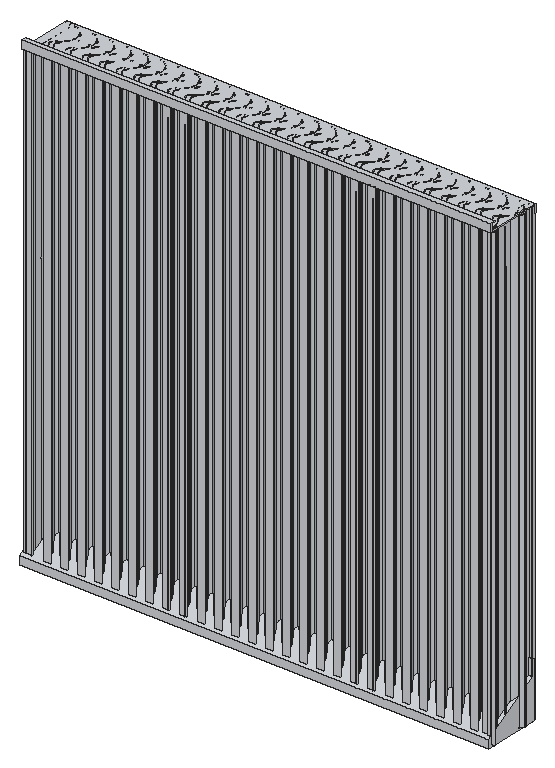
Revit family "VSL-180 Louver", category Generic Models, Revit 2025
Family settings
  Can host rebar = No
  Round Connector Dimension = Use Diameter
  Part Type = Normal
  Work Plane-Based = No
  Always vertical = Yes
  Cut with Voids When Loaded = No
  Maintain Annotation Orientation = No
  Shared = No
  Room Calculation Point = No
Parameters
  Number of Blades [instance] = (Louver Width - 0' 2") / Blade Spacing  # 27
  Louver Width = 5' - 0"
  Louver Depth = 0' - 7 3/16"
  First Blade Spacing [instance] = 0' - 2.50572"
  Exact Height = 5' - 0"
  Default Elevation = 0' - 0"
  Blade Spacing = 0' - 2 3/16"
  Blade Height [instance] = Exact Height - 0' 1 1/4"  # 4' - 10 3/4"
Reference planes (in)
  plane 1 "Center (Front/Back)": y = 0
  plane 2: z = 0
  plane 3 "Center (Left/Right)": x = 1.14325
  plane 4: y = -3.59375
  plane 5: y = 3.59375
  plane 6: x = -28.85675
  plane 7: x = 31.14325
  plane 8: z = 60
  plane 9: z = 59
  plane 10: x = -27.84625
  plane 11: x = 30.13275
Forms (in)
  Extrusion 1, solid
    sketch origin (39.33907, -19.05126, 0) x (-1, 0, 0) y (0, -1, 0)
      loop
        line (8.19581, -22.12111) -> (8.19581, -22.47711) -> (9.33931, -22.47711) -> (9.33931, -22.39611) -> (8.90731, -22.39611) -> (8.90731, -22.20311) -> (9.20631, -22.20311) -> (9.20631, -22.12811) -> (8.90731, -22.12811) -> (8.90731, -21.94011) -> (9.20631, -21.94011) -> (9.20631, -20.72851) -> (9.07611, -20.72851)
        arc (9.07611, -20.72851) -> (9.05699, -20.72817) -> (9.03994, -20.73684) r 0.03958
        arc (9.03994, -20.73684) -> (8.91581, -20.68016) -> (9.03994, -20.62349) r 0.075
        arc (9.03994, -20.62349) -> (9.05699, -20.63216) -> (9.07611, -20.63182) r 0.03958
        line (9.07611, -20.63182) -> (9.20631, -20.63182) -> (9.20631, -17.24256) -> (9.07611, -17.24256)
        arc (9.07611, -17.24256) -> (9.05699, -17.24222) -> (9.03994, -17.25089) r 0.03958
        arc (9.03994, -17.25089) -> (8.91581, -17.19421) -> (9.03994, -17.13754) r 0.075
        arc (9.03994, -17.13754) -> (9.05699, -17.14621) -> (9.07611, -17.14587) r 0.03958
        line (9.07611, -17.14587) -> (9.20631, -17.14587) -> (9.20631, -16.35121) -> (8.90731, -16.35121) -> (8.90731, -16.17921) -> (9.20631, -16.17921) -> (9.20631, -16.10421) -> (8.50881, -16.10421) -> (8.50881, -15.67221) -> (9.33931, -15.67221) -> (9.33931, -15.59121) -> (8.26481, -15.59121) -> (8.26481, -15.81321) -> (8.34581, -15.81321) -> (8.34581, -15.70021) -> (8.43381, -15.70021) -> (8.43381, -16.09721) -> (8.34581, -16.09721) -> (8.34581, -16.03621) -> (8.26481, -16.03621) -> (8.26481, -16.09721) -> (8.19581, -16.09721) -> (8.19581, -16.17921) -> (8.83231, -16.17921) -> (8.83231, -16.42621) -> (9.13131, -16.42621) -> (9.13131, -17.03221) -> (8.83231, -17.03221) -> (8.83231, -20.84216) -> (9.13131, -20.84216) -> (9.13131, -21.86511) -> (8.83231, -21.86511) -> (8.83231, -22.39611) -> (8.27081, -22.39611) -> (8.27081, -22.12111) -> (8.19581, -22.12111)
    from 0 to 59
  Extrusion 2, solid
    sketch origin (1.14325, -18.76928, -17.66172) x (0, 1, 0) y (0, 0, 1)
      loop
        line (15.80053, 77.66172) -> (15.17553, 77.66172) -> (15.17553, 76.66172) -> (22.26553, 76.66172) -> (22.26553, 75.75172) -> (22.35553, 75.75172) -> (22.35553, 76.75172) -> (15.26553, 76.75172) -> (15.26553, 77.57172) -> (15.80053, 77.57172) -> (15.80053, 77.66172)
    from -30 to 30
  Extrusion 3, solid
    sketch origin (1.14325, -33.01699, -2.17961) x (0, 1, 0) y (0, 0, 1)
      loop
        line (36.15956, 7.27306) -> (29.06956, 3.17965) -> (29.06956, 2.17961) -> (36.33956, 2.17961) -> (36.33956, 9.27306) -> (36.15956, 9.27306) -> (36.15956, 7.27306)
    from -30 to 30
  Extrusion 4, solid
    sketch origin (-37.05256, -19.05126, 0) x (1, 0, 0) y (0, 1, 0)
      loop
        line (8.19581, 22.12111) -> (8.27081, 22.12111) -> (8.27081, 22.39611) -> (8.83231, 22.39611) -> (8.83231, 21.86511) -> (9.13131, 21.86511) -> (9.13131, 20.84216) -> (8.83231, 20.84216) -> (8.83231, 17.03221) -> (9.13131, 17.03221) -> (9.13131, 16.42621) -> (8.83231, 16.42621) -> (8.83231, 16.17921) -> (8.19581, 16.17921) -> (8.19581, 16.09721) -> (8.26481, 16.09721) -> (8.26481, 16.03621) -> (8.34581, 16.03621) -> (8.34581, 16.09721) -> (8.43381, 16.09721) -> (8.43381, 15.70021) -> (8.34581, 15.70021) -> (8.34581, 15.81321) -> (8.26481, 15.81321) -> (8.26481, 15.59121) -> (9.33931, 15.59121) -> (9.33931, 15.67221) -> (8.50881, 15.67221) -> (8.50881, 16.10421) -> (9.20631, 16.10421) -> (9.20631, 16.17921) -> (8.90731, 16.17921) -> (8.90731, 16.35121) -> (9.20631, 16.35121) -> (9.20631, 17.14587) -> (9.07611, 17.14587)
        arc (9.07611, 17.14587) -> (9.05699, 17.14621) -> (9.03994, 17.13754) r 0.03958
        arc (9.03994, 17.13754) -> (8.91581, 17.19421) -> (9.03994, 17.25089) r 0.075
        arc (9.03994, 17.25089) -> (9.05699, 17.24222) -> (9.07611, 17.24256) r 0.03958
        line (9.07611, 17.24256) -> (9.20631, 17.24256) -> (9.20631, 20.63182) -> (9.07611, 20.63182)
        arc (9.07611, 20.63182) -> (9.05699, 20.63216) -> (9.03994, 20.62349) r 0.03958
        arc (9.03994, 20.62349) -> (8.91581, 20.68016) -> (9.03994, 20.73684) r 0.075
        arc (9.03994, 20.73684) -> (9.05699, 20.72817) -> (9.07611, 20.72851) r 0.03958
        line (9.07611, 20.72851) -> (9.20631, 20.72851) -> (9.20631, 21.94011) -> (8.90731, 21.94011) -> (8.90731, 22.12811) -> (9.20631, 22.12811) -> (9.20631, 22.20311) -> (8.90731, 22.20311) -> (8.90731, 22.39611) -> (9.33931, 22.39611) -> (9.33931, 22.47711) -> (8.19581, 22.47711) -> (8.19581, 22.12111)
    from 0 to 59
Dimensions and locks (in)
  "Louver Depth": plane 4 to plane 5
  equal spacing: plane 4, plane 1 "Center (Front/Back)", plane 5
  equal spacing: plane 6, plane 3 "Center (Left/Right)", plane 7
  "Louver Width": plane 6 to plane 7
  "Exact Height": plane 8 to level
  plane 8 to plane 9 = 0' - 1"
  plane 6 to plane 10 = 0' - 1.0105"
  plane 11 to plane 7 = 0' - 1.0105"
  equal spacing: group 1, group 2, group 3, group 4, group 5, group 6, group 7, group 8, group 9, group 10, group 11, group 12, group 13, group 14, group 15, group 16, group 17, group 18, group 19, group 20, group 21, group 22, group 23, group 24, group 25, group 26, group 27  (x3)
  "First Blade Spacing": plane 6 to nested 1
  "Blade Spacing": nested 1 to nested 2
  aligned and locked: plane 2 to level
  aligned and locked: Extrusion 1 to level
  aligned and locked: plane 7 to Extrusion 3
  aligned and locked: plane 7 to Extrusion 2
  aligned and locked: Extrusion 2 to plane 6
  aligned and locked: Extrusion 3 to plane 6
  aligned and locked: Extrusion 3 to Extrusion 1
  aligned and locked: Extrusion 1 to Extrusion 4
  aligned and locked: plane 9 to Extrusion 1
Automatic sketch dimensions
  Extrusion 1 sketch curve to plane 7 = 0' - 0"  (x2)
  Extrusion 1 sketch curve to plane 11 = 0' - 0"  (x5)
  Extrusion 1 sketch curve to plane 7 = 0' - 0.069"  (x2)
  Extrusion 1 sketch curve to plane 7 = 0' - 0.075"
  Extrusion 1 sketch curve to Extrusion 1 sketch curve = 0' - 0.081"  (x4)
  Extrusion 1 sketch curve to Extrusion 1 sketch curve = 0' - 0.088"
  Extrusion 1 sketch curve to Extrusion 1 sketch curve = 0' - 0.075"  (x7)
  Extrusion 1 sketch curve to plane 11 = 0' - 0.374"  (x2)
  Extrusion 1 sketch curve to Extrusion 1 sketch curve = 0' - 0.3235"
  Extrusion 1 sketch curve to Extrusion 1 sketch curve = 0' - 0"  (x5)
  Extrusion 1 sketch curve to plane 11 = 0' - 0.2155"  (x2)
  Extrusion 1 sketch curve to Extrusion 1 sketch curve = 0' - 0.07505"  (x4)
  Extrusion 1 sketch curve to Extrusion 1 sketch curve = 0' - 0.01024"  (x4)
  Extrusion 1 sketch curve to plane 11 = 0' - 0.075"  (x2)
  plane 11 to Extrusion 1 sketch curve = 0' - 0.133"  (x2)
  Extrusion 1 sketch curve to plane 5 = 0' - 0.1679"
  Extrusion 1 sketch curve to plane 5 = 0' - 0.2489"
  Extrusion 1 sketch curve to Extrusion 1 sketch curve = 0' - 0.193"
  Extrusion 1 sketch curve to Extrusion 1 sketch curve = 0' - 0.275"
  Extrusion 1 sketch curve to Extrusion 1 sketch curve = 0' - 0.188"
  Extrusion 1 sketch curve to Extrusion 1 sketch curve = 0' - 1.02295"
  Extrusion 1 sketch curve to Extrusion 1 sketch curve = 0' - 0.07542"
  Extrusion 1 sketch curve to Extrusion 1 sketch curve = 0' - 0.11365"
  Extrusion 1 sketch curve to Extrusion 1 sketch curve = 0' - 0.04835"  (x2)
  Extrusion 1 sketch curve to Extrusion 1 sketch curve = 0' - 0.0967"  (x2)
  Extrusion 1 sketch curve to Extrusion 1 sketch curve = 0' - 0.03823"  (x3)
  plane 1 "Center (Front/Back)" to Extrusion 1 sketch curve = 0' - 1.77047"
  Extrusion 1 sketch curve to Extrusion 1 sketch curve = 0' - 0.162"
  Extrusion 1 sketch curve to Extrusion 1 sketch curve = 0' - 0.606"
  Extrusion 1 sketch curve to Extrusion 1 sketch curve = 0' - 0.172"
  Extrusion 1 sketch curve to Extrusion 1 sketch curve = 0' - 0.007"
  Extrusion 1 sketch curve to Extrusion 1 sketch curve = 0' - 0.061"
  Extrusion 1 sketch curve to Extrusion 1 sketch curve = 0' - 0.223"
  Extrusion 1 sketch curve to Extrusion 1 sketch curve = 0' - 0.113"
  Extrusion 1 sketch curve to Extrusion 1 sketch curve = 0' - 0.028"
  Extrusion 2 sketch curve to plane 4 = 0' - 0"
  Extrusion 2 sketch curve to plane 8 = 0' - 0"
  Extrusion 2 sketch curve to plane 9 = 0' - 0"
  Extrusion 2 sketch curve to plane 4 = 0' - 0.09"
  Extrusion 2 sketch curve to plane 8 = 0' - 0.09"
  Extrusion 2 sketch curve to Extrusion 2 sketch curve = 0' - 0.535"
  Extrusion 2 sketch curve to plane 5 = 0' - 0.0975"
  Extrusion 2 sketch curve to plane 5 = 0' - 0.0075"
  Extrusion 2 sketch curve to plane 9 = 0' - 0.91"
  plane 9 to Extrusion 2 sketch curve = 0' - 0.09"
  Extrusion 3 sketch curve to level = 0' - 0"
  plane 4 to Extrusion 3 sketch curve = 0' - 0.35368"
  Extrusion 3 sketch curve to plane 5 = 0' - 0.45118"
  Extrusion 3 sketch curve to plane 5 = 0' - 0.27118"
  level to Extrusion 3 sketch curve = 0' - 1.00004"
  level to Extrusion 3 sketch curve = 0' - 5.09345"
  Extrusion 3 sketch curve to Extrusion 3 sketch curve = 0' - 2"
  Extrusion 4 sketch curve to plane 6 = 0' - 0"  (x2)
  Extrusion 4 sketch curve to plane 10 = 0' - 0"  (x5)
  plane 6 to Extrusion 4 sketch curve = 0' - 0.069"  (x2)
  plane 6 to Extrusion 4 sketch curve = 0' - 0.075"
  Extrusion 4 sketch curve to Extrusion 4 sketch curve = 0' - 0.081"  (x4)
  Extrusion 4 sketch curve to Extrusion 4 sketch curve = 0' - 0.088"
  Extrusion 4 sketch curve to Extrusion 4 sketch curve = 0' - 0.075"  (x7)
  plane 10 to Extrusion 4 sketch curve = 0' - 0.374"  (x2)
  Extrusion 4 sketch curve to Extrusion 4 sketch curve = 0' - 0.3235"
  Extrusion 4 sketch curve to Extrusion 4 sketch curve = 0' - 0"  (x3)
  plane 10 to Extrusion 4 sketch curve = 0' - 0.2155"  (x2)
  Extrusion 4 sketch curve to Extrusion 4 sketch curve = 0' - 0.07505"  (x4)
  Extrusion 4 sketch curve to Extrusion 4 sketch curve = 0' - 0.01024"  (x4)
  plane 10 to Extrusion 4 sketch curve = 0' - 0.075"  (x2)
  Extrusion 4 sketch curve to plane 10 = 0' - 0.133"  (x2)
  Extrusion 4 sketch curve to plane 4 = 0' - 0.1337"
  Extrusion 4 sketch curve to Extrusion 4 sketch curve = 0' - 0.109"
  Extrusion 4 sketch curve to Extrusion 4 sketch curve = 0' - 0.113"
  Extrusion 4 sketch curve to Extrusion 4 sketch curve = 0' - 0.223"
  Extrusion 4 sketch curve to Extrusion 4 sketch curve = 0' - 0.061"  (x2)
  Extrusion 4 sketch curve to Extrusion 4 sketch curve = 0' - 0.432"
  Extrusion 4 sketch curve to Extrusion 4 sketch curve = 0' - 0.082"
  Extrusion 4 sketch curve to Extrusion 4 sketch curve = 0' - 0.172"
  Extrusion 4 sketch curve to Extrusion 4 sketch curve = 0' - 0.606"
  Extrusion 4 sketch curve to Extrusion 4 sketch curve = 0' - 0.07542"
  Extrusion 4 sketch curve to Extrusion 4 sketch curve = 0' - 0.11365"
  Extrusion 4 sketch curve to Extrusion 4 sketch curve = 0' - 0.04835"  (x2)
  Extrusion 4 sketch curve to Extrusion 4 sketch curve = 0' - 0.0967"  (x2)
  Extrusion 4 sketch curve to Extrusion 4 sketch curve = 0' - 0.03823"  (x3)
  Extrusion 4 sketch curve to plane 1 "Center (Front/Back)" = 0' - 1.54232"
  Extrusion 4 sketch curve to Extrusion 4 sketch curve = 0' - 0.162"
  Extrusion 4 sketch curve to plane 5 = 0' - 0.7799"
  Extrusion 4 sketch curve to plane 5 = 0' - 0.5239"
  Extrusion 4 sketch curve to Extrusion 4 sketch curve = 0' - 0.188"
  Extrusion 4 sketch curve to Extrusion 4 sketch curve = 0' - 0.193"
  Extrusion 4 sketch curve to plane 5 = 0' - 0.2489"
Nested families (in)
  nested 1: "VSL-180 Blade" at (-26.35102, -0.99885, 0.3125), type "VSL-180 Blade"
    with Blade Height 4' - 10 3/4"
  nested 2: "VSL-180 Blade" at (-24.16352, -0.99885, 0.3125), type "VSL-180 Blade"
    with Blade Height 4' - 10 3/4"
  nested 3: "VSL-180 Blade" at (-21.97602, -0.99885, 0.3125), type "VSL-180 Blade"
    with Blade Height 4' - 10 3/4"
  nested 4: "VSL-180 Blade" at (-19.78852, -0.99885, 0.3125), type "VSL-180 Blade"
    with Blade Height 4' - 10 3/4"
  nested 5: "VSL-180 Blade" at (-17.60102, -0.99885, 0.3125), type "VSL-180 Blade"
    with Blade Height 4' - 10 3/4"
  nested 6: "VSL-180 Blade" at (-15.41352, -0.99885, 0.3125), type "VSL-180 Blade"
    with Blade Height 4' - 10 3/4"
  nested 7: "VSL-180 Blade" at (-13.22602, -0.99885, 0.3125), type "VSL-180 Blade"
    with Blade Height 4' - 10 3/4"
  nested 8: "VSL-180 Blade" at (-11.03852, -0.99885, 0.3125), type "VSL-180 Blade"
    with Blade Height 4' - 10 3/4"
  nested 9: "VSL-180 Blade" at (-8.85102, -0.99885, 0.3125), type "VSL-180 Blade"
    with Blade Height 4' - 10 3/4"
  nested 10: "VSL-180 Blade" at (-6.66352, -0.99885, 0.3125), type "VSL-180 Blade"
    with Blade Height 4' - 10 3/4"
  nested 11: "VSL-180 Blade" at (-4.47602, -0.99885, 0.3125), type "VSL-180 Blade"
    with Blade Height 4' - 10 3/4"
  nested 12: "VSL-180 Blade" at (-2.28852, -0.99885, 0.3125), type "VSL-180 Blade"
    with Blade Height 4' - 10 3/4"
  nested 13: "VSL-180 Blade" at (-0.10102, -0.99885, 0.3125), type "VSL-180 Blade"
    with Blade Height 4' - 10 3/4"
  nested 14: "VSL-180 Blade" at (2.08648, -0.99885, 0.3125), type "VSL-180 Blade"
    with Blade Height 4' - 10 3/4"
  nested 15: "VSL-180 Blade" at (4.27398, -0.99885, 0.3125), type "VSL-180 Blade"
    with Blade Height 4' - 10 3/4"
  nested 16: "VSL-180 Blade" at (6.46148, -0.99885, 0.3125), type "VSL-180 Blade"
    with Blade Height 4' - 10 3/4"
  nested 17: "VSL-180 Blade" at (8.64898, -0.99885, 0.3125), type "VSL-180 Blade"
    with Blade Height 4' - 10 3/4"
  nested 18: "VSL-180 Blade" at (10.83648, -0.99885, 0.3125), type "VSL-180 Blade"
    with Blade Height 4' - 10 3/4"
  nested 19: "VSL-180 Blade" at (13.02398, -0.99885, 0.3125), type "VSL-180 Blade"
    with Blade Height 4' - 10 3/4"
  nested 20: "VSL-180 Blade" at (15.21148, -0.99885, 0.3125), type "VSL-180 Blade"
    with Blade Height 4' - 10 3/4"
  nested 21: "VSL-180 Blade" at (17.39898, -0.99885, 0.3125), type "VSL-180 Blade"
    with Blade Height 4' - 10 3/4"
  nested 22: "VSL-180 Blade" at (19.58648, -0.99885, 0.3125), type "VSL-180 Blade"
    with Blade Height 4' - 10 3/4"
  nested 23: "VSL-180 Blade" at (21.77398, -0.99885, 0.3125), type "VSL-180 Blade"
    with Blade Height 4' - 10 3/4"
  nested 24: "VSL-180 Blade" at (23.96148, -0.99885, 0.3125), type "VSL-180 Blade"
    with Blade Height 4' - 10 3/4"
  nested 25: "VSL-180 Blade" at (26.14898, -0.99885, 0.3125), type "VSL-180 Blade"
    with Blade Height 4' - 10 3/4"
  nested 26: "VSL-180 Blade" at (28.33648, -0.99885, 0.3125), type "VSL-180 Blade"
    with Blade Height 4' - 10 3/4"
  nested 27: "VSL-180 Blade" at (30.52398, -0.99885, 0.3125), type "VSL-180 Blade"
    with Blade Height 4' - 10 3/4"
Definition of nested family "VSL-180 Blade"
  Parameters (values of type "VSL-180 Blade")
    Default Elevation = 0' - 0"
    Blade Height = 3' - 0"
  Reference planes (in)
    plane 1 "Center (Front/Back)": y = 0
    plane 2: z = 0
    plane 3 "Center (Left/Right)": x = 0
    plane 4: z = 36
  Forms (in)
    Extrusion 1, solid
      sketch origin (-71.58082, -45.9787, 0) x (1, 0, 0) y (0, 1, 0)
        loop
          line (70.96364, 50.12012) -> (70.55647, 50.12012) -> (70.55647, 50.03912) -> (70.93596, 50.03912)
          arc (70.93596, 50.03912) -> (71.49318, 49.48013) -> (71.8766, 48.79024) r 2.8632
          arc (71.8766, 48.79024) -> (71.96397, 48.48414) -> (71.9659, 48.16582) r 1.17391
          line (71.9659, 48.16582) -> (71.81805, 48.16582)
          arc (71.81805, 48.16582) -> (71.74039, 48.12415) -> (71.68936, 48.05229) r 0.19292
          arc (71.68936, 48.05229) -> (71.71158, 47.99951) -> (71.76437, 48.02173) r 0.0405
          arc (71.76437, 48.02173) -> (71.79247, 48.06193) -> (71.83584, 48.08482) r 0.10418
          line (71.83584, 48.08482) -> (71.95117, 48.08482)
          arc (71.95117, 48.08482) -> (71.57152, 47.28295) -> (70.94647, 46.65331) r 2.62538
          arc (70.94647, 46.65331) -> (70.86001, 46.69966) -> (70.76195, 46.70274) r 0.21483
          line (70.76195, 46.70274) -> (70.77441, 46.64098)
          arc (70.77441, 46.64098) -> (70.8371, 46.64042) -> (70.89422, 46.61457) r 0.15183
          arc (70.89422, 46.61457) -> (70.76636, 46.52911) -> (70.63332, 46.45197) r 2.41608
          arc (70.63332, 46.45197) -> (70.40242, 45.9787) -> (70.6879, 45.53622) r 0.53605
          arc (70.6879, 45.53622) -> (70.73735, 45.55596) -> (70.72562, 45.6079) r 0.04101
          arc (70.72562, 45.6079) -> (70.48355, 45.97926) -> (70.6717, 46.38064) r 0.45565
          arc (70.6717, 46.38064) -> (70.80278, 46.45639) -> (70.92904, 46.53994) r 2.49708
          arc (70.92904, 46.53994) -> (71.0468, 46.62397) -> (71.15994, 46.71414) r 2.72455
          arc (71.15994, 46.71414) -> (71.21529, 46.64472) -> (71.19651, 46.55795) r 0.10354
          arc (71.19651, 46.55795) -> (71.00762, 46.20811) -> (71.08165, 45.81749) r 0.59406
          arc (71.08165, 45.81749) -> (71.13177, 45.72024) -> (71.18987, 45.62753) r 1.30176
          arc (71.18987, 45.62753) -> (71.49735, 45.13917) -> (71.69065, 44.59541) r 2.62406
          line (71.69065, 44.59541) -> (71.72132, 44.33718)
          arc (71.72132, 44.33718) -> (71.76337, 44.15636) -> (71.86882, 44.00358) r 0.49711
          line (71.86882, 44.00358) -> (72.46378, 43.50022) -> (71.78905, 43.50022) -> (71.78905, 43.41622) -> (72.69315, 43.41622) -> (71.8953, 44.09087)
          arc (71.8953, 44.09087) -> (71.84394, 44.17775) -> (71.81324, 44.2739) r 0.44976
          arc (71.81324, 44.2739) -> (71.94219, 44.25615) -> (72.04166, 44.34011) r 0.16
          line (72.04166, 44.34011) -> (71.96785, 44.37584)
          arc (71.96785, 44.37584) -> (71.82186, 44.39134) -> (71.94431, 44.47232) r 0.078
          line (71.94431, 44.47232) -> (71.99337, 44.53802)
          arc (71.99337, 44.53802) -> (71.88425, 44.56926) -> (71.78186, 44.52025) r 0.16
          line (71.78186, 44.52025) -> (71.76949, 44.61399)
          arc (71.76949, 44.61399) -> (71.57023, 45.17453) -> (71.25326, 45.67797) r 2.70506
          arc (71.25326, 45.67797) -> (71.19886, 45.76614) -> (71.1516, 45.85834) r 1.30839
          arc (71.1516, 45.85834) -> (71.08766, 46.1957) -> (71.2508, 46.49783) r 0.51306
          arc (71.2508, 46.49783) -> (71.29815, 46.63972) -> (71.22367, 46.76944) r 0.18273
          arc (71.22367, 46.76944) -> (71.72477, 47.36831) -> (72.03518, 48.08482) r 2.72119
          line (72.03518, 48.08482) -> (72.4436, 48.08482) -> (72.29492, 47.79434) -> (72.36702, 47.75744) -> (72.56413, 48.14253)
          arc (72.56413, 48.14253) -> (72.63116, 48.2243) -> (72.73326, 48.2518) r 0.17302
          arc (72.73326, 48.2518) -> (72.75782, 48.30354) -> (72.70608, 48.3281) r 0.0405
          arc (72.70608, 48.3281) -> (72.5699, 48.27896) -> (72.47957, 48.16582) r 0.26624
          line (72.47957, 48.16582) -> (72.04736, 48.16582)
          arc (72.04736, 48.16582) -> (72.04101, 48.51639) -> (71.93702, 48.85125) r 1.24309
          arc (71.93702, 48.85125) -> (72.05426, 48.8827) -> (72.11568, 48.98739) r 0.16
          line (72.11568, 48.98739) -> (72.0345, 48.99896)
          arc (72.0345, 48.99896) -> (71.89072, 48.96928) -> (71.98271, 49.0837) r 0.078
          line (71.98271, 49.0837) -> (72.00945, 49.16121)
          arc (72.00945, 49.16121) -> (71.90922, 49.16257) -> (71.82786, 49.10403) r 0.16
          arc (71.82786, 49.10403) -> (71.45442, 49.66198) -> (70.96364, 50.12012) r 2.92632
      from 0 to 36
  Dimensions and locks (in)
    "Blade Height": plane 4 to level
    aligned and locked: plane 2 to level
    aligned and locked: plane 4 to Extrusion 1
    aligned and locked: Extrusion 1 to level
  Automatic sketch dimensions
    Extrusion 1 sketch curve to Extrusion 1 sketch curve = 0' - 0"  (x23)
    Extrusion 1 sketch curve to plane 3 "Center (Left/Right)" = 0' - 2.44432"
    Extrusion 1 sketch curve to plane 3 "Center (Left/Right)" = 0' - 2.3747"
    Extrusion 1 sketch curve to Extrusion 1 sketch curve = 0' - 0.01921"
    Extrusion 1 sketch curve to plane 3 "Center (Left/Right)" = 0' - 2.17493"
    Extrusion 1 sketch curve to Extrusion 1 sketch curve = 0' - 0.00297"
    Extrusion 1 sketch curve to Extrusion 1 sketch curve = 0' - 0.01373"
    Extrusion 1 sketch curve to Extrusion 1 sketch curve = 0' - 0.06587"
    Extrusion 1 sketch curve to plane 3 "Center (Left/Right)" = 0' - 1.02435"
    Extrusion 1 sketch curve to plane 3 "Center (Left/Right)" = 0' - 0.87976"
    Extrusion 1 sketch curve to plane 3 "Center (Left/Right)" = 0' - 0.81886"
    Extrusion 1 sketch curve to Extrusion 1 sketch curve = 0' - 0.01245"
    Extrusion 1 sketch curve to plane 3 "Center (Left/Right)" = 0' - 0.77893"
    Extrusion 1 sketch curve to Extrusion 1 sketch curve = 0' - 0.03001"
    Extrusion 1 sketch curve to Extrusion 1 sketch curve = 0' - 0.01184"
    Extrusion 1 sketch curve to Extrusion 1 sketch curve = 0' - 0.37949"
    Extrusion 1 sketch curve to plane 1 "Center (Front/Back)" = 0' - 0.0319"
    Extrusion 1 sketch curve to Extrusion 1 sketch curve = 0' - 0.23646"
    Extrusion 1 sketch curve to Extrusion 1 sketch curve = 0' - 0.00059"
    Extrusion 1 sketch curve to Extrusion 1 sketch curve = 0' - 0.02768"
    Extrusion 1 sketch curve to Extrusion 1 sketch curve = 0' - 0.31006"
    Extrusion 1 sketch curve to Extrusion 1 sketch curve = 0' - 0.00186"
    Extrusion 1 sketch curve to plane 1 "Center (Front/Back)" = 0' - 0.13835"
    Extrusion 1 sketch curve to Extrusion 1 sketch curve = 0' - 0.65656"
    plane 3 "Center (Left/Right)" to Extrusion 1 sketch curve = 0' - 0.10983"
    Extrusion 1 sketch curve to Extrusion 1 sketch curve = 0' - 0.03067"
    Extrusion 1 sketch curve to Extrusion 1 sketch curve = 0' - 0.91314"
    Extrusion 1 sketch curve to Extrusion 1 sketch curve = 0' - 0.07884"
    Extrusion 1 sketch curve to Extrusion 1 sketch curve = 0' - 0.01237"
    Extrusion 1 sketch curve to Extrusion 1 sketch curve = 0' - 0.06772"
    Extrusion 1 sketch curve to Extrusion 1 sketch curve = 0' - 0.09118"
    Extrusion 1 sketch curve to Extrusion 1 sketch curve = 0' - 0.01779"
    Extrusion 1 sketch curve to Extrusion 1 sketch curve = 0' - 0.02558"
    Extrusion 1 sketch curve to Extrusion 1 sketch curve = 0' - 0.0066"
    Extrusion 1 sketch curve to Extrusion 1 sketch curve = 0' - 0.1475"
    Extrusion 1 sketch curve to Extrusion 1 sketch curve = 0' - 0.02648"
    Extrusion 1 sketch curve to Extrusion 1 sketch curve = 0' - 0.11578"
    Extrusion 1 sketch curve to Extrusion 1 sketch curve = 0' - 0.04667"
    Extrusion 1 sketch curve to Extrusion 1 sketch curve = 0' - 0.11533"
    Extrusion 1 sketch curve to Extrusion 1 sketch curve = 0' - 0.13923"
    Extrusion 1 sketch curve to Extrusion 1 sketch curve = 0' - 0.01473"
    Extrusion 1 sketch curve to Extrusion 1 sketch curve = 0' - 0.07021"
    Extrusion 1 sketch curve to Extrusion 1 sketch curve = 0' - 0.02543"
    Extrusion 1 sketch curve to Extrusion 1 sketch curve = 0' - 0.04906"
    Extrusion 1 sketch curve to Extrusion 1 sketch curve = 0' - 0.02674"
    Extrusion 1 sketch curve to Extrusion 1 sketch curve = 0' - 0.07722"
    Extrusion 1 sketch curve to Extrusion 1 sketch curve = 0' - 0.08401"
    Extrusion 1 sketch curve to Extrusion 1 sketch curve = 0' - 0.07381"
    Extrusion 1 sketch curve to Extrusion 1 sketch curve = 0' - 0.08147"
    Extrusion 1 sketch curve to Extrusion 1 sketch curve = 0' - 0.08118"
    Extrusion 1 sketch curve to Extrusion 1 sketch curve = 0' - 0.17636"
    Extrusion 1 sketch curve to Extrusion 1 sketch curve = 0' - 0.03631"
    Extrusion 1 sketch curve to Extrusion 1 sketch curve = 0' - 0.6682"
    Extrusion 1 sketch curve to Extrusion 1 sketch curve = 0' - 0.25974"
    Extrusion 1 sketch curve to Extrusion 1 sketch curve = 0' - 0.07583"
    Extrusion 1 sketch curve to Extrusion 1 sketch curve = 0' - 0.0721"
    Extrusion 1 sketch curve to Extrusion 1 sketch curve = 0' - 0.14868"
    Extrusion 1 sketch curve to Extrusion 1 sketch curve = 0' - 0.67473"
    Extrusion 1 sketch curve to Extrusion 1 sketch curve = 0' - 0.03597"
    Extrusion 1 sketch curve to Extrusion 1 sketch curve = 0' - 0.08456"
    Extrusion 1 sketch curve to Extrusion 1 sketch curve = 0' - 0.22937"
    Extrusion 1 sketch curve to Extrusion 1 sketch curve = 0' - 0.15554"
    Extrusion 1 sketch curve to Extrusion 1 sketch curve = 0' - 0.16083"
    Extrusion 1 sketch curve to Extrusion 1 sketch curve = 0' - 0.0001"
    plane 1 "Center (Front/Back)" to Extrusion 1 sketch curve = 0' - 0.40364"
    plane 1 "Center (Front/Back)" to Extrusion 1 sketch curve = 0' - 1.36472"
    Extrusion 1 sketch curve to Extrusion 1 sketch curve = 0' - 0.01857"
    Extrusion 1 sketch curve to Extrusion 1 sketch curve = 0' - 0.07596"
    Extrusion 1 sketch curve to Extrusion 1 sketch curve = 0' - 0 3/32"
    Extrusion 1 sketch curve to Extrusion 1 sketch curve = 0' - 0 1/16"
    Extrusion 1 sketch curve to Extrusion 1 sketch curve = 0' - 0.01409"
    Extrusion 1 sketch curve to Extrusion 1 sketch curve = 0' - 0.00437"
    Extrusion 1 sketch curve to Extrusion 1 sketch curve = 0' - 0.03573"
    Extrusion 1 sketch curve to Extrusion 1 sketch curve = 0' - 0.07264"
    Extrusion 1 sketch curve to Extrusion 1 sketch curve = 0' - 0.08729"
    plane 1 "Center (Front/Back)" to Extrusion 1 sketch curve = 0' - 1.98499"
    Extrusion 1 sketch curve to Extrusion 1 sketch curve = 0' - 0.50336"
    Extrusion 1 sketch curve to Extrusion 1 sketch curve = 0' - 0.084"
    Extrusion 1 sketch curve to Extrusion 1 sketch curve = 0' - 0.00038"
    Extrusion 1 sketch curve to plane 1 "Center (Front/Back)" = 0' - 0.38591"
    Extrusion 1 sketch curve to Extrusion 1 sketch curve = 0' - 0.04392"
    Extrusion 1 sketch curve to Extrusion 1 sketch curve = 0' - 0.48117"
    Extrusion 1 sketch curve to Extrusion 1 sketch curve = 0' - 0.12897"
    Extrusion 1 sketch curve to Extrusion 1 sketch curve = 0' - 0.00044"
    Extrusion 1 sketch curve to Extrusion 1 sketch curve = 0' - 0.14883"
    Extrusion 1 sketch curve to Extrusion 1 sketch curve = 0' - 0.06176"
    Extrusion 1 sketch curve to Extrusion 1 sketch curve = 0' - 1.34891"
    Extrusion 1 sketch curve to plane 1 "Center (Front/Back)" = 0' - 1.77885"
    Extrusion 1 sketch curve to Extrusion 1 sketch curve = 0' - 0.0085"
    Extrusion 1 sketch curve to Extrusion 1 sketch curve = 0' - 0.03691"
    Extrusion 1 sketch curve to Extrusion 1 sketch curve = 0' - 0.10534"
    Extrusion 1 sketch curve to Extrusion 1 sketch curve = 0' - 0.00434"
    Extrusion 1 sketch curve to Extrusion 1 sketch curve = 0' - 0.05318"
    Extrusion 1 sketch curve to Extrusion 1 sketch curve = 0' - 0.08001"
    Extrusion 1 sketch curve to Extrusion 1 sketch curve = 0' - 0.01645"
    Extrusion 1 sketch curve to Extrusion 1 sketch curve = 0' - 0.02329"
    Extrusion 1 sketch curve to Extrusion 1 sketch curve = 0' - 0.21097"
    Extrusion 1 sketch curve to Extrusion 1 sketch curve = 0' - 0.26566"
    Extrusion 1 sketch curve to Extrusion 1 sketch curve = 0' - 0.00087"
    Extrusion 1 sketch curve to Extrusion 1 sketch curve = 0' - 0.81353"
    Extrusion 1 sketch curve to Extrusion 1 sketch curve = 0' - 0.21158"
    Extrusion 1 sketch curve to Extrusion 1 sketch curve = 0' - 0.00592"
    Extrusion 1 sketch curve to Extrusion 1 sketch curve = 0' - 0.00188"
    Extrusion 1 sketch curve to Extrusion 1 sketch curve = 0' - 0.82157"
    Extrusion 1 sketch curve to Extrusion 1 sketch curve = 0' - 0.01157"
    Extrusion 1 sketch curve to Extrusion 1 sketch curve = 0' - 0.011"
    Extrusion 1 sketch curve to Extrusion 1 sketch curve = 0' - 0.07752"
    Extrusion 1 sketch curve to Extrusion 1 sketch curve = 0' - 1.24796"
    Extrusion 1 sketch curve to Extrusion 1 sketch curve = 0' - 0.081"
    Extrusion 1 sketch curve to Extrusion 1 sketch curve = 0' - 0.1711"
    Extrusion 1 sketch curve to Extrusion 1 sketch curve = 0' - 0.03838"
    Extrusion 1 sketch curve to Extrusion 1 sketch curve = 0' - 0.01316"
    Extrusion 1 sketch curve to Extrusion 1 sketch curve = 0' - 0.02456"
    Extrusion 1 sketch curve to Extrusion 1 sketch curve = 0' - 0.05225"
    Extrusion 1 sketch curve to Extrusion 1 sketch curve = 0' - 0.03482"
    plane 1 "Center (Front/Back)" to Extrusion 1 sketch curve = 0' - 0.16121"
    Extrusion 1 sketch curve to Extrusion 1 sketch curve = 0' - 0.14355"
    Extrusion 1 sketch curve to Extrusion 1 sketch curve = 0' - 0.06995"
    Extrusion 1 sketch curve to Extrusion 1 sketch curve = 0' - 0.04361"
    Extrusion 1 sketch curve to Extrusion 1 sketch curve = 0' - 0.06373"
    Extrusion 1 sketch curve to Extrusion 1 sketch curve = 0' - 0.05429"
    Extrusion 1 sketch curve to Extrusion 1 sketch curve = 0' - 0.01359"
